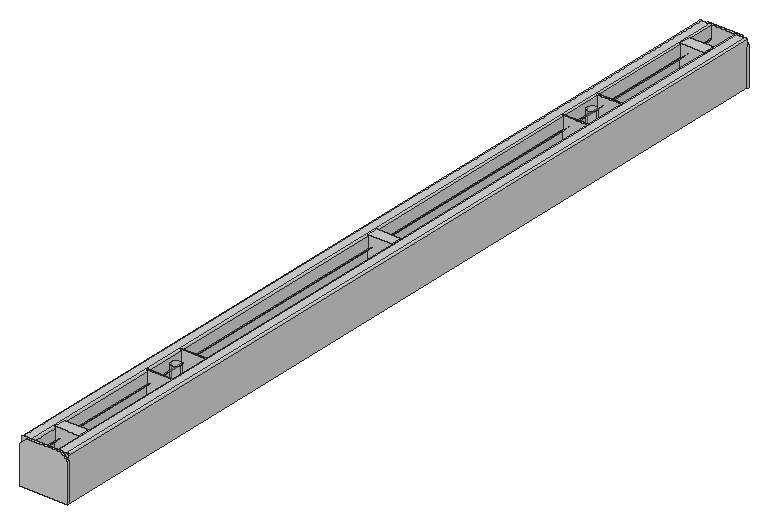
Revit family "ML_ML COMPENSATION 4''x6'_1920072", category Generic Models, Revit 2018
Family settings
  Can host rebar = No
  Round Connector Dimension = Use Diameter
  Part Type = Normal
  OmniClass Number = 35.51.14.00
  OmniClass Title = FORMWORK
  Work Plane-Based = Yes
  Always vertical = No
  Cut with Voids When Loaded = No
  Shared = Yes
  Room Calculation Point = No
Parameters
  VERSION = "20190101"  # constant formula
  URL = "www.ulmaconstruction.com/en"
  UNICLASS = ""
  ITEM_CODE = "1920072"
  Manufacturer = "ULMA CONSTRUCTION"  # constant formula
  FILTER [instance] = ""
  Default Elevation = 0"
  CLASSIFICATION_TITLE = ""
  CLASSIFICATION_NUMBER = ""
Reference planes (in)
  plane 1 "Centro (Frontal/Posterior)": y = 0
  plane 2: z = 0
  plane 3 "Centro (Izquierda/Derecha)": x = 0
  plane 4 "ITEM_HEIGHT": y = 72
  plane 5 "ITEM_WIDTH": x = 4
  plane 6 "TIE 1": y = 14
  plane 7 "TIE 2": y = 58
  plane 8 "MIDDLE": x = 2.00291
  plane 9 "LATERAL HOLES": z = 1.49989
Forms (in)
  Extrusion 1, solid, material "ULMA ZINC", detail levels fine
    sketch origin (0, 0, 0) x (0, 1, 0) y (0, 0, 1)
      loop
        line (0.15748, 0) -> (71.84375, 0) -> (71.84375, 0.64972) -> (0.15748, 0.64972) -> (0.15748, 0)
    from 0.47244 to 3.52756
  Extrusion 2, solid, material "ULMA ZINC", detail levels fine
    sketch origin (-14.5, 66.01575, 0) x (1, 0, 0) y (0, 0, 1)
      loop
        line (14.5, 0) -> (14.97244, 0) -> (14.97244, 0.64972) -> (15.32677, 0.64972)
        arc (15.32677, 0.64972) -> (15.43813, 0.69584) -> (15.48425, 0.8072) r 0.15748
        line (15.48425, 0.8072) -> (15.48425, 0.86626)
        arc (15.48425, 0.86626) -> (15.43813, 0.97761) -> (15.32677, 1.02374) r 0.15748
        line (15.32677, 1.02374) -> (14.77314, 1.02374)
        arc (14.77314, 1.02374) -> (14.72527, 1.03996) -> (14.69713, 1.08193) r 0.07874
        line (14.69713, 1.08193) -> (14.69713, 2.24353)
        arc (14.69713, 2.24353) -> (14.71999, 2.29957) -> (14.77587, 2.32283) r 0.07874
        line (14.77587, 2.32283) -> (15.13096, 2.32283)
        arc (15.13096, 2.32283) -> (15.19221, 2.33523) -> (15.24381, 2.37047) r 0.15748
        line (15.24381, 2.37047) -> (15.44021, 2.57226)
        arc (15.44021, 2.57226) -> (15.47326, 2.62282) -> (15.48484, 2.6821) r 0.15748
        line (15.48484, 2.6821) -> (15.48484, 3.64173)
        arc (15.48484, 3.64173) -> (15.43872, 3.75309) -> (15.32736, 3.79921) r 0.15748
        line (15.32736, 3.79921) -> (14.65966, 3.79921)
        arc (14.65966, 3.79921) -> (14.54676, 3.75245) -> (14.5, 3.63955) r 0.15966
        line (14.5, 3.63955) -> (14.5, 0)
    from -5.828 to 65.85827
  Extrusion 3, solid, material "ULMA ZINC", detail levels fine
    sketch origin (73.5, 66.01575, 0) x (-1, 0, 0) y (0, 0, -1)
      loop
        line (69.5, 0) -> (69.5, -3.63955)
        arc (69.5, -3.63955) -> (69.54676, -3.75245) -> (69.65966, -3.79921) r 0.15966
        line (69.65966, -3.79921) -> (70.32736, -3.79921)
        arc (70.32736, -3.79921) -> (70.43872, -3.75309) -> (70.48484, -3.64173) r 0.15748
        line (70.48484, -3.64173) -> (70.48484, -2.6821)
        arc (70.48484, -2.6821) -> (70.47326, -2.62282) -> (70.44021, -2.57226) r 0.15748
        line (70.44021, -2.57226) -> (70.24381, -2.37047)
        arc (70.24381, -2.37047) -> (70.19221, -2.33523) -> (70.13096, -2.32283) r 0.15748
        line (70.13096, -2.32283) -> (69.77587, -2.32283)
        arc (69.77587, -2.32283) -> (69.71999, -2.29957) -> (69.69713, -2.24353) r 0.07874
        line (69.69713, -2.24353) -> (69.69713, -1.08193)
        arc (69.69713, -1.08193) -> (69.72527, -1.03996) -> (69.77314, -1.02374) r 0.07874
        line (69.77314, -1.02374) -> (70.32677, -1.02374)
        arc (70.32677, -1.02374) -> (70.43813, -0.97761) -> (70.48425, -0.86626) r 0.15748
        line (70.48425, -0.86626) -> (70.48425, -0.8072)
        arc (70.48425, -0.8072) -> (70.43813, -0.69584) -> (70.32677, -0.64972) r 0.15748
        line (70.32677, -0.64972) -> (69.97244, -0.64972) -> (69.97244, 0) -> (69.5, 0)
    from -5.828 to 65.85827
  Extrusion 4, solid, material "ULMA ZINC", detail levels fine
    sketch origin (0, -1.81853, 0) x (0, 1, 0) y (0, 0, 1)
      loop
        line (5.26378, 3.79921) -> (4.27953, 3.79921) -> (4.27953, 0.64961) -> (5.26378, 0.64961) -> (5.26378, 3.79921)
    from 0.98425 to 3.01575
  Extrusion 5, solid, material "ULMA ZINC", detail levels fine
    sketch origin (0, 7.75591, 0) x (0, 1, 0) y (0, 0, 1)
      loop
        line (4.51181, 3.7991) -> (4.41339, 3.7991) -> (4.41339, 0.84634)
        arc (4.41339, 0.84634) -> (4.47104, 0.70715) -> (4.61024, 0.64949) r 0.19685
        line (4.61024, 0.64949) -> (7.87795, 0.64949)
        arc (7.87795, 0.64949) -> (8.01715, 0.70715) -> (8.0748, 0.84634) r 0.19685
        line (8.0748, 0.84634) -> (8.0748, 3.7991) -> (7.97638, 3.7991) -> (7.97638, 0.84634)
        arc (7.97638, 0.84634) -> (7.94755, 0.77675) -> (7.87795, 0.74792) r 0.09843
        line (7.87795, 0.74792) -> (4.61024, 0.74792)
        arc (4.61024, 0.74792) -> (4.54064, 0.77675) -> (4.51181, 0.84634) r 0.09843
        line (4.51181, 0.84634) -> (4.51181, 3.7991)
    from 0.98425 to 3.01575
  Extrusion 6, solid, material "ULMA ZINC", detail levels fine
    sketch origin (0, 51.75591, 0) x (0, 1, 0) y (0, 0, 1)
      loop
        line (4.51181, 3.7991) -> (4.41339, 3.7991) -> (4.41339, 0.84634)
        arc (4.41339, 0.84634) -> (4.47104, 0.70715) -> (4.61024, 0.64949) r 0.19685
        line (4.61024, 0.64949) -> (7.87795, 0.64949)
        arc (7.87795, 0.64949) -> (8.01715, 0.70715) -> (8.0748, 0.84634) r 0.19685
        line (8.0748, 0.84634) -> (8.0748, 3.7991) -> (7.97638, 3.7991) -> (7.97638, 0.84634)
        arc (7.97638, 0.84634) -> (7.94755, 0.77675) -> (7.87795, 0.74792) r 0.09843
        line (7.87795, 0.74792) -> (4.61024, 0.74792)
        arc (4.61024, 0.74792) -> (4.54064, 0.77675) -> (4.51181, 0.84634) r 0.09843
        line (4.51181, 0.84634) -> (4.51181, 3.7991)
    from 0.98425 to 3.01575
  Extrusion 7, solid, material "ULMA ZINC", detail levels fine
    sketch origin (0, 31.22835, 0) x (0, 1, 0) y (0, 0, 1)
      loop
        line (5.26378, 3.79921) -> (4.27953, 3.79921) -> (4.27953, 0.64961) -> (5.26378, 0.64961) -> (5.26378, 3.79921)
    from 0.98425 to 3.01575
  Extrusion 8, solid, material "ULMA ZINC", detail levels fine
    sketch origin (0, 64.27559, 0) x (0, 1, 0) y (0, 0, 1)
      loop
        line (5.26378, 3.79921) -> (4.27953, 3.79921) -> (4.27953, 0.64961) -> (5.26378, 0.64961) -> (5.26378, 3.79921)
    from 0.98425 to 3.01575
  Extrusion 9, solid, material "ULMA ZINC", detail levels fine
    sketch origin (0, 0, 0) x (1, 0, 0) y (0, 0, 1)
      loop
        line (0, 0) -> (4, 0) -> (4, 3.21448) -> (3.41527, 3.79921) -> (0.59055, 3.79921) -> (0, 3.20866) -> (0, 0)
    from -0.15748 to 0
  Extrusion 10, solid, material "ULMA ZINC", detail levels fine
    sketch origin (0, 0, 0) x (1, 0, 0) y (0, 0, 1)
      loop
        line (0, 0) -> (4, 0) -> (4, 3.21448) -> (3.41527, 3.79921) -> (0.59055, 3.79921) -> (0, 3.20866) -> (0, 0)
    from -72 to -71.84375
  Extrusion 11, solid, material "ULMA TRANSPARENT WHITE"
    sketch origin (0, -8, 0) x (1, 0, 0) y (0, 1, 0)
      loop
        circle (2, 22) r 0.41339
    from 0.74792 to 3.7991
  Extrusion 12, solid, material "ULMA TRANSPARENT WHITE"
    sketch origin (0, 36, 0) x (1, 0, 0) y (0, 1, 0)
      loop
        circle (2, 22) r 0.41339
    from 0.74792 to 3.7991
Lines and regions (in)
  model lines, style "ULMA PANELS", detail levels medium
    curve 1: line (0, 0, 0) -> (4, 0, 0)
    curve 2: line (4, 0, 0) -> (4, 72, 0)
    curve 3: line (4, 72, 0) -> (0, 72, 0)
    curve 4: line (0, 72, 0) -> (0, 0, 0)
  model lines, style "ULMA PANELS", detail levels fine
    curve 5: circle (2, 14, 0.74792) r 0.41339 normal (0, 0, 1)
    curve 6: circle (2, 14, 0) r 0.41339 normal (0, 0, 1)
    curve 7: circle (2, 58, 0.74792) r 0.41339 normal (0, 0, 1)
    curve 8: circle (2, 58, 0) r 0.41339 normal (0, 0, 1)
    curve 9: circle (0, 6, 1.49989) r 0.3937 normal (1, 0, 0)
    curve 10: circle (4, 6, 1.49989) r 0.3937 normal (1, 0, 0)
    curve 11: circle (0, 18, 1.49989) r 0.3937 normal (1, 0, 0)
    curve 12: circle (0, 30, 1.49989) r 0.3937 normal (1, 0, 0)
    curve 13: circle (0, 42, 1.49989) r 0.3937 normal (1, 0, 0)
    curve 14: circle (4, 18, 1.49989) r 0.3937 normal (1, 0, 0)
    curve 15: circle (4, 30, 1.49989) r 0.3937 normal (1, 0, 0)
    curve 16: circle (4, 42, 1.49989) r 0.3937 normal (1, 0, 0)
    curve 17: circle (0, 54, 1.49989) r 0.3937 normal (1, 0, 0)
    curve 18: circle (4, 54, 1.49989) r 0.3937 normal (1, 0, 0)
    curve 19: circle (0, 66, 1.49989) r 0.3937 normal (1, 0, 0)
    curve 20: circle (4, 66, 1.49989) r 0.3937 normal (1, 0, 0)
Dimensions and locks (in)
  locked: plane 1 "Centro (Frontal/Posterior)" to plane 4 "ITEM_HEIGHT" at 72
  locked: Extrusion 5 sketch curve to Extrusion 5 sketch curve at 0.09843  (x2)
  equal spacing: Extrusion 5 sketch curve, plane 6 "TIE 1", Extrusion 5 sketch curve
  locked: Extrusion 6 sketch curve to Extrusion 6 sketch curve at 0.09843  (x2)
  equal spacing: Extrusion 6 sketch curve, plane 7 "TIE 2", Extrusion 6 sketch curve
  locked: curve 9 to plane 1 "Centro (Frontal/Posterior)" at 6
  locked: plane 9 "LATERAL HOLES" to plane 2 at 1.49989
  aligned and locked: plane 2 to level
  aligned and locked: Extrusion 2 to plane 3 "Centro (Izquierda/Derecha)"
  aligned and locked: Extrusion 1 to Extrusion 2  (x2)
  aligned and locked: Extrusion 1 to Extrusion 3
  aligned and locked: plane 4 "ITEM_HEIGHT" to Extrusion 10
  aligned and locked: Extrusion 2 to Extrusion 10
  aligned and locked: Extrusion 3 to Extrusion 10
  aligned and locked: Extrusion 2 to Extrusion 1
